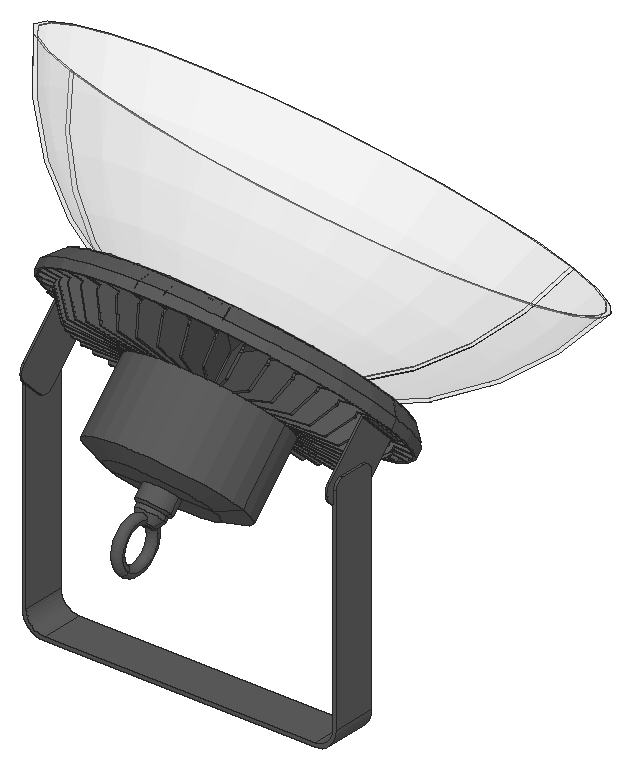
Revit family "0039365+0039353+0039358 Sylvania Lighting Fixture START HighBay IP65 DALI 13000lm 840 WB with BRACKET and PC LAMPSHADE TRANSPARENT 13 19KLM", category Lighting Fixtures, host Face, Revit 2016 (continued)
Definition of nested family "Start LED Highbay DALI Head"
  Nested families
    nested 6: "Start Highbay Rib" at (0, 0, 80.875) x (0.7071, 0.7071, 0) z (0, 0, 1), type "Type Name", detail levels medium+fine
      with SuspensionHeight_FEILO 2.6 mm, WidthStraight_FEILO 4.7 mm, WidthRingChamfer_FEILO 12.9 mm, WidthCurved_FEILO 26.2 mm, WidthCurvedRing_FEILO 4.7 mm, SizeS_FEILO no, Rib4_FEILO 14.6 mm, Rib3_FEILO 20.2 mm, Rib2_FEILO 4.5 mm, Rib1_FEILO 19 mm, RadiusDiffuser_FEILO 120 mm, RHRadius3_FEILO 8.6 mm, RHRadius2_FEILO 14 mm, RHRadius1_FEILO 17.7 mm, RHHeight4_FEILO 9.2 mm, RHHeight3_FEILO 4.6 mm, RHHeight2_FEILO 2.6 mm, RHHeight1_FEILO 17.4 mm, HeightRing_FEILO 36.8 mm, HeightRingChamfer_FEILO 26.6 mm, EyeThickness_FEILO 10.5 mm, EyeThicknessHalf_FEILO 5.25 mm, EyeInner_FEILO 17.3 mm, DriverVerticalStraight_FEILO 57 mm, DriverVerticalChamfer_FEILO 9.5 mm, DriverRadius_FEILO 76.4 mm, DriverRadiusTop_FEILO 52.4 mm, DriverBottom_FEILO 74 mm, Radius_FEILO 169.5 mm
    nested 7: "Start Highbay Rib" at (0, 0, 80.875) x (0.5878, 0.809, 0) z (0, 0, 1), type "Type Name", detail levels medium+fine
      with SuspensionHeight_FEILO 2.6 mm, WidthStraight_FEILO 4.7 mm, WidthRingChamfer_FEILO 12.9 mm, WidthCurved_FEILO 26.2 mm, WidthCurvedRing_FEILO 4.7 mm, SizeS_FEILO no, Rib4_FEILO 14.6 mm, Rib3_FEILO 20.2 mm, Rib2_FEILO 4.5 mm, Rib1_FEILO 19 mm, RadiusDiffuser_FEILO 120 mm, RHRadius3_FEILO 8.6 mm, RHRadius2_FEILO 14 mm, RHRadius1_FEILO 17.7 mm, RHHeight4_FEILO 9.2 mm, RHHeight3_FEILO 4.6 mm, RHHeight2_FEILO 2.6 mm, RHHeight1_FEILO 17.4 mm, HeightRing_FEILO 36.8 mm, HeightRingChamfer_FEILO 26.6 mm, EyeThickness_FEILO 10.5 mm, EyeThicknessHalf_FEILO 5.25 mm, EyeInner_FEILO 17.3 mm, DriverVerticalStraight_FEILO 57 mm, DriverVerticalChamfer_FEILO 9.5 mm, DriverRadius_FEILO 76.4 mm, DriverRadiusTop_FEILO 52.4 mm, DriverBottom_FEILO 74 mm, Radius_FEILO 169.5 mm
    nested 8: "Start Highbay Rib" at (0, 0, 80.875) x (0.454, 0.891, 0) z (0, 0, 1), type "Type Name", detail levels medium+fine
      with SuspensionHeight_FEILO 2.6 mm, WidthStraight_FEILO 4.7 mm, WidthRingChamfer_FEILO 12.9 mm, WidthCurved_FEILO 26.2 mm, WidthCurvedRing_FEILO 4.7 mm, SizeS_FEILO no, Rib4_FEILO 14.6 mm, Rib3_FEILO 20.2 mm, Rib2_FEILO 4.5 mm, Rib1_FEILO 19 mm, RadiusDiffuser_FEILO 120 mm, RHRadius3_FEILO 8.6 mm, RHRadius2_FEILO 14 mm, RHRadius1_FEILO 17.7 mm, RHHeight4_FEILO 9.2 mm, RHHeight3_FEILO 4.6 mm, RHHeight2_FEILO 2.6 mm, RHHeight1_FEILO 17.4 mm, HeightRing_FEILO 36.8 mm, HeightRingChamfer_FEILO 26.6 mm, EyeThickness_FEILO 10.5 mm, EyeThicknessHalf_FEILO 5.25 mm, EyeInner_FEILO 17.3 mm, DriverVerticalStraight_FEILO 57 mm, DriverVerticalChamfer_FEILO 9.5 mm, DriverRadius_FEILO 76.4 mm, DriverRadiusTop_FEILO 52.4 mm, DriverBottom_FEILO 74 mm, Radius_FEILO 169.5 mm
    nested 9: "Start Highbay Rib" at (0, 0, 80.875) x (0.309, 0.9511, 0) z (0, 0, 1), type "Type Name", detail levels medium+fine
      with SuspensionHeight_FEILO 2.6 mm, WidthStraight_FEILO 4.7 mm, WidthRingChamfer_FEILO 12.9 mm, WidthCurved_FEILO 26.2 mm, WidthCurvedRing_FEILO 4.7 mm, SizeS_FEILO no, Rib4_FEILO 14.6 mm, Rib3_FEILO 20.2 mm, Rib2_FEILO 4.5 mm, Rib1_FEILO 19 mm, RadiusDiffuser_FEILO 120 mm, RHRadius3_FEILO 8.6 mm, RHRadius2_FEILO 14 mm, RHRadius1_FEILO 17.7 mm, RHHeight4_FEILO 9.2 mm, RHHeight3_FEILO 4.6 mm, RHHeight2_FEILO 2.6 mm, RHHeight1_FEILO 17.4 mm, HeightRing_FEILO 36.8 mm, HeightRingChamfer_FEILO 26.6 mm, EyeThickness_FEILO 10.5 mm, EyeThicknessHalf_FEILO 5.25 mm, EyeInner_FEILO 17.3 mm, DriverVerticalStraight_FEILO 57 mm, DriverVerticalChamfer_FEILO 9.5 mm, DriverRadius_FEILO 76.4 mm, DriverRadiusTop_FEILO 52.4 mm, DriverBottom_FEILO 74 mm, Radius_FEILO 169.5 mm
    nested 10: "Start Highbay Rib" at (0, 0, 80.875) x (0.1564, 0.9877, 0) z (0, 0, 1), type "Type Name", detail levels medium+fine
      with SuspensionHeight_FEILO 2.6 mm, WidthStraight_FEILO 4.7 mm, WidthRingChamfer_FEILO 12.9 mm, WidthCurved_FEILO 26.2 mm, WidthCurvedRing_FEILO 4.7 mm, SizeS_FEILO no, Rib4_FEILO 14.6 mm, Rib3_FEILO 20.2 mm, Rib2_FEILO 4.5 mm, Rib1_FEILO 19 mm, RadiusDiffuser_FEILO 120 mm, RHRadius3_FEILO 8.6 mm, RHRadius2_FEILO 14 mm, RHRadius1_FEILO 17.7 mm, RHHeight4_FEILO 9.2 mm, RHHeight3_FEILO 4.6 mm, RHHeight2_FEILO 2.6 mm, RHHeight1_FEILO 17.4 mm, HeightRing_FEILO 36.8 mm, HeightRingChamfer_FEILO 26.6 mm, EyeThickness_FEILO 10.5 mm, EyeThicknessHalf_FEILO 5.25 mm, EyeInner_FEILO 17.3 mm, DriverVerticalStraight_FEILO 57 mm, DriverVerticalChamfer_FEILO 9.5 mm, DriverRadius_FEILO 76.4 mm, DriverRadiusTop_FEILO 52.4 mm, DriverBottom_FEILO 74 mm, Radius_FEILO 169.5 mm
    nested 11: "Start Highbay Rib" at (0, 0, 80.875) x (0, 1, 0) z (0, 0, 1), type "Type Name", detail levels medium+fine
      with SuspensionHeight_FEILO 2.6 mm, WidthStraight_FEILO 4.7 mm, WidthRingChamfer_FEILO 12.9 mm, WidthCurved_FEILO 26.2 mm, WidthCurvedRing_FEILO 4.7 mm, SizeS_FEILO no, Rib4_FEILO 14.6 mm, Rib3_FEILO 20.2 mm, Rib2_FEILO 4.5 mm, Rib1_FEILO 19 mm, RadiusDiffuser_FEILO 120 mm, RHRadius3_FEILO 8.6 mm, RHRadius2_FEILO 14 mm, RHRadius1_FEILO 17.7 mm, RHHeight4_FEILO 9.2 mm, RHHeight3_FEILO 4.6 mm, RHHeight2_FEILO 2.6 mm, RHHeight1_FEILO 17.4 mm, HeightRing_FEILO 36.8 mm, HeightRingChamfer_FEILO 26.6 mm, EyeThickness_FEILO 10.5 mm, EyeThicknessHalf_FEILO 5.25 mm, EyeInner_FEILO 17.3 mm, DriverVerticalStraight_FEILO 57 mm, DriverVerticalChamfer_FEILO 9.5 mm, DriverRadius_FEILO 76.4 mm, DriverRadiusTop_FEILO 52.4 mm, DriverBottom_FEILO 74 mm, Radius_FEILO 169.5 mm
    nested 12: "Start Highbay Rib" at (0, 0, 80.875) x (-0.1564, 0.9877, 0) z (0, 0, 1), type "Type Name", detail levels medium+fine
      with SuspensionHeight_FEILO 2.6 mm, WidthStraight_FEILO 4.7 mm, WidthRingChamfer_FEILO 12.9 mm, WidthCurved_FEILO 26.2 mm, WidthCurvedRing_FEILO 4.7 mm, SizeS_FEILO no, Rib4_FEILO 14.6 mm, Rib3_FEILO 20.2 mm, Rib2_FEILO 4.5 mm, Rib1_FEILO 19 mm, RadiusDiffuser_FEILO 120 mm, RHRadius3_FEILO 8.6 mm, RHRadius2_FEILO 14 mm, RHRadius1_FEILO 17.7 mm, RHHeight4_FEILO 9.2 mm, RHHeight3_FEILO 4.6 mm, RHHeight2_FEILO 2.6 mm, RHHeight1_FEILO 17.4 mm, HeightRing_FEILO 36.8 mm, HeightRingChamfer_FEILO 26.6 mm, EyeThickness_FEILO 10.5 mm, EyeThicknessHalf_FEILO 5.25 mm, EyeInner_FEILO 17.3 mm, DriverVerticalStraight_FEILO 57 mm, DriverVerticalChamfer_FEILO 9.5 mm, DriverRadius_FEILO 76.4 mm, DriverRadiusTop_FEILO 52.4 mm, DriverBottom_FEILO 74 mm, Radius_FEILO 169.5 mm
    nested 13: "Start Highbay Rib" at (0, 0, 80.875) x (-0.309, 0.9511, 0) z (0, 0, 1), type "Type Name", detail levels medium+fine
      with SuspensionHeight_FEILO 2.6 mm, WidthStraight_FEILO 4.7 mm, WidthRingChamfer_FEILO 12.9 mm, WidthCurved_FEILO 26.2 mm, WidthCurvedRing_FEILO 4.7 mm, SizeS_FEILO no, Rib4_FEILO 14.6 mm, Rib3_FEILO 20.2 mm, Rib2_FEILO 4.5 mm, Rib1_FEILO 19 mm, RadiusDiffuser_FEILO 120 mm, RHRadius3_FEILO 8.6 mm, RHRadius2_FEILO 14 mm, RHRadius1_FEILO 17.7 mm, RHHeight4_FEILO 9.2 mm, RHHeight3_FEILO 4.6 mm, RHHeight2_FEILO 2.6 mm, RHHeight1_FEILO 17.4 mm, HeightRing_FEILO 36.8 mm, HeightRingChamfer_FEILO 26.6 mm, EyeThickness_FEILO 10.5 mm, EyeThicknessHalf_FEILO 5.25 mm, EyeInner_FEILO 17.3 mm, DriverVerticalStraight_FEILO 57 mm, DriverVerticalChamfer_FEILO 9.5 mm, DriverRadius_FEILO 76.4 mm, DriverRadiusTop_FEILO 52.4 mm, DriverBottom_FEILO 74 mm, Radius_FEILO 169.5 mm
    nested 14: "Start Highbay Rib" at (0, 0, 80.875) x (-0.454, 0.891, 0) z (0, 0, 1), type "Type Name", detail levels medium+fine
      with SuspensionHeight_FEILO 2.6 mm, WidthStraight_FEILO 4.7 mm, WidthRingChamfer_FEILO 12.9 mm, WidthCurved_FEILO 26.2 mm, WidthCurvedRing_FEILO 4.7 mm, SizeS_FEILO no, Rib4_FEILO 14.6 mm, Rib3_FEILO 20.2 mm, Rib2_FEILO 4.5 mm, Rib1_FEILO 19 mm, RadiusDiffuser_FEILO 120 mm, RHRadius3_FEILO 8.6 mm, RHRadius2_FEILO 14 mm, RHRadius1_FEILO 17.7 mm, RHHeight4_FEILO 9.2 mm, RHHeight3_FEILO 4.6 mm, RHHeight2_FEILO 2.6 mm, RHHeight1_FEILO 17.4 mm, HeightRing_FEILO 36.8 mm, HeightRingChamfer_FEILO 26.6 mm, EyeThickness_FEILO 10.5 mm, EyeThicknessHalf_FEILO 5.25 mm, EyeInner_FEILO 17.3 mm, DriverVerticalStraight_FEILO 57 mm, DriverVerticalChamfer_FEILO 9.5 mm, DriverRadius_FEILO 76.4 mm, DriverRadiusTop_FEILO 52.4 mm, DriverBottom_FEILO 74 mm, Radius_FEILO 169.5 mm
    nested 15: "Start Highbay Rib" at (0, 0, 80.875) x (-0.5878, 0.809, 0) z (0, 0, 1), type "Type Name", detail levels medium+fine
      with SuspensionHeight_FEILO 2.6 mm, WidthStraight_FEILO 4.7 mm, WidthRingChamfer_FEILO 12.9 mm, WidthCurved_FEILO 26.2 mm, WidthCurvedRing_FEILO 4.7 mm, SizeS_FEILO no, Rib4_FEILO 14.6 mm, Rib3_FEILO 20.2 mm, Rib2_FEILO 4.5 mm, Rib1_FEILO 19 mm, RadiusDiffuser_FEILO 120 mm, RHRadius3_FEILO 8.6 mm, RHRadius2_FEILO 14 mm, RHRadius1_FEILO 17.7 mm, RHHeight4_FEILO 9.2 mm, RHHeight3_FEILO 4.6 mm, RHHeight2_FEILO 2.6 mm, RHHeight1_FEILO 17.4 mm, HeightRing_FEILO 36.8 mm, HeightRingChamfer_FEILO 26.6 mm, EyeThickness_FEILO 10.5 mm, EyeThicknessHalf_FEILO 5.25 mm, EyeInner_FEILO 17.3 mm, DriverVerticalStraight_FEILO 57 mm, DriverVerticalChamfer_FEILO 9.5 mm, DriverRadius_FEILO 76.4 mm, DriverRadiusTop_FEILO 52.4 mm, DriverBottom_FEILO 74 mm, Radius_FEILO 169.5 mm
    nested 16: "Start Highbay Rib" at (0, 0, 80.875) x (-0.7071, 0.7071, 0) z (0, 0, 1), type "Type Name", detail levels medium+fine
      with SuspensionHeight_FEILO 2.6 mm, WidthStraight_FEILO 4.7 mm, WidthRingChamfer_FEILO 12.9 mm, WidthCurved_FEILO 26.2 mm, WidthCurvedRing_FEILO 4.7 mm, SizeS_FEILO no, Rib4_FEILO 14.6 mm, Rib3_FEILO 20.2 mm, Rib2_FEILO 4.5 mm, Rib1_FEILO 19 mm, RadiusDiffuser_FEILO 120 mm, RHRadius3_FEILO 8.6 mm, RHRadius2_FEILO 14 mm, RHRadius1_FEILO 17.7 mm, RHHeight4_FEILO 9.2 mm, RHHeight3_FEILO 4.6 mm, RHHeight2_FEILO 2.6 mm, RHHeight1_FEILO 17.4 mm, HeightRing_FEILO 36.8 mm, HeightRingChamfer_FEILO 26.6 mm, EyeThickness_FEILO 10.5 mm, EyeThicknessHalf_FEILO 5.25 mm, EyeInner_FEILO 17.3 mm, DriverVerticalStraight_FEILO 57 mm, DriverVerticalChamfer_FEILO 9.5 mm, DriverRadius_FEILO 76.4 mm, DriverRadiusTop_FEILO 52.4 mm, DriverBottom_FEILO 74 mm, Radius_FEILO 169.5 mm
    nested 17: "Start Highbay Rib" at (0, 0, 80.875) x (-0.809, 0.5878, 0) z (0, 0, 1), type "Type Name", detail levels medium+fine
      with SuspensionHeight_FEILO 2.6 mm, WidthStraight_FEILO 4.7 mm, WidthRingChamfer_FEILO 12.9 mm, WidthCurved_FEILO 26.2 mm, WidthCurvedRing_FEILO 4.7 mm, SizeS_FEILO no, Rib4_FEILO 14.6 mm, Rib3_FEILO 20.2 mm, Rib2_FEILO 4.5 mm, Rib1_FEILO 19 mm, RadiusDiffuser_FEILO 120 mm, RHRadius3_FEILO 8.6 mm, RHRadius2_FEILO 14 mm, RHRadius1_FEILO 17.7 mm, RHHeight4_FEILO 9.2 mm, RHHeight3_FEILO 4.6 mm, RHHeight2_FEILO 2.6 mm, RHHeight1_FEILO 17.4 mm, HeightRing_FEILO 36.8 mm, HeightRingChamfer_FEILO 26.6 mm, EyeThickness_FEILO 10.5 mm, EyeThicknessHalf_FEILO 5.25 mm, EyeInner_FEILO 17.3 mm, DriverVerticalStraight_FEILO 57 mm, DriverVerticalChamfer_FEILO 9.5 mm, DriverRadius_FEILO 76.4 mm, DriverRadiusTop_FEILO 52.4 mm, DriverBottom_FEILO 74 mm, Radius_FEILO 169.5 mm
    nested 18: "Start Highbay Rib" at (0, 0, 80.875) x (-0.891, 0.454, 0) z (0, 0, 1), type "Type Name", detail levels medium+fine
      with SuspensionHeight_FEILO 2.6 mm, WidthStraight_FEILO 4.7 mm, WidthRingChamfer_FEILO 12.9 mm, WidthCurved_FEILO 26.2 mm, WidthCurvedRing_FEILO 4.7 mm, SizeS_FEILO no, Rib4_FEILO 14.6 mm, Rib3_FEILO 20.2 mm, Rib2_FEILO 4.5 mm, Rib1_FEILO 19 mm, RadiusDiffuser_FEILO 120 mm, RHRadius3_FEILO 8.6 mm, RHRadius2_FEILO 14 mm, RHRadius1_FEILO 17.7 mm, RHHeight4_FEILO 9.2 mm, RHHeight3_FEILO 4.6 mm, RHHeight2_FEILO 2.6 mm, RHHeight1_FEILO 17.4 mm, HeightRing_FEILO 36.8 mm, HeightRingChamfer_FEILO 26.6 mm, EyeThickness_FEILO 10.5 mm, EyeThicknessHalf_FEILO 5.25 mm, EyeInner_FEILO 17.3 mm, DriverVerticalStraight_FEILO 57 mm, DriverVerticalChamfer_FEILO 9.5 mm, DriverRadius_FEILO 76.4 mm, DriverRadiusTop_FEILO 52.4 mm, DriverBottom_FEILO 74 mm, Radius_FEILO 169.5 mm
    nested 19: "Start Highbay Rib" at (0, 0, 80.875) x (-0.9511, 0.309, 0) z (0, 0, 1), type "Type Name", detail levels medium+fine
      with SuspensionHeight_FEILO 2.6 mm, WidthStraight_FEILO 4.7 mm, WidthRingChamfer_FEILO 12.9 mm, WidthCurved_FEILO 26.2 mm, WidthCurvedRing_FEILO 4.7 mm, SizeS_FEILO no, Rib4_FEILO 14.6 mm, Rib3_FEILO 20.2 mm, Rib2_FEILO 4.5 mm, Rib1_FEILO 19 mm, RadiusDiffuser_FEILO 120 mm, RHRadius3_FEILO 8.6 mm, RHRadius2_FEILO 14 mm, RHRadius1_FEILO 17.7 mm, RHHeight4_FEILO 9.2 mm, RHHeight3_FEILO 4.6 mm, RHHeight2_FEILO 2.6 mm, RHHeight1_FEILO 17.4 mm, HeightRing_FEILO 36.8 mm, HeightRingChamfer_FEILO 26.6 mm, EyeThickness_FEILO 10.5 mm, EyeThicknessHalf_FEILO 5.25 mm, EyeInner_FEILO 17.3 mm, DriverVerticalStraight_FEILO 57 mm, DriverVerticalChamfer_FEILO 9.5 mm, DriverRadius_FEILO 76.4 mm, DriverRadiusTop_FEILO 52.4 mm, DriverBottom_FEILO 74 mm, Radius_FEILO 169.5 mm
    nested 20: "Start Highbay Rib" at (0, 0, 80.875) x (-0.9877, 0.1564, 0) z (0, 0, 1), type "Type Name", detail levels medium+fine
      with SuspensionHeight_FEILO 2.6 mm, WidthStraight_FEILO 4.7 mm, WidthRingChamfer_FEILO 12.9 mm, WidthCurved_FEILO 26.2 mm, WidthCurvedRing_FEILO 4.7 mm, SizeS_FEILO no, Rib4_FEILO 14.6 mm, Rib3_FEILO 20.2 mm, Rib2_FEILO 4.5 mm, Rib1_FEILO 19 mm, RadiusDiffuser_FEILO 120 mm, RHRadius3_FEILO 8.6 mm, RHRadius2_FEILO 14 mm, RHRadius1_FEILO 17.7 mm, RHHeight4_FEILO 9.2 mm, RHHeight3_FEILO 4.6 mm, RHHeight2_FEILO 2.6 mm, RHHeight1_FEILO 17.4 mm, HeightRing_FEILO 36.8 mm, HeightRingChamfer_FEILO 26.6 mm, EyeThickness_FEILO 10.5 mm, EyeThicknessHalf_FEILO 5.25 mm, EyeInner_FEILO 17.3 mm, DriverVerticalStraight_FEILO 57 mm, DriverVerticalChamfer_FEILO 9.5 mm, DriverRadius_FEILO 76.4 mm, DriverRadiusTop_FEILO 52.4 mm, DriverBottom_FEILO 74 mm, Radius_FEILO 169.5 mm
    nested 21: "Start Highbay Rib" at (0, 0, 80.875) x (-1, 0, 0) z (0, 0, 1), type "Type Name", detail levels medium+fine
      with SuspensionHeight_FEILO 2.6 mm, WidthStraight_FEILO 4.7 mm, WidthRingChamfer_FEILO 12.9 mm, WidthCurved_FEILO 26.2 mm, WidthCurvedRing_FEILO 4.7 mm, SizeS_FEILO no, Rib4_FEILO 14.6 mm, Rib3_FEILO 20.2 mm, Rib2_FEILO 4.5 mm, Rib1_FEILO 19 mm, RadiusDiffuser_FEILO 120 mm, RHRadius3_FEILO 8.6 mm, RHRadius2_FEILO 14 mm, RHRadius1_FEILO 17.7 mm, RHHeight4_FEILO 9.2 mm, RHHeight3_FEILO 4.6 mm, RHHeight2_FEILO 2.6 mm, RHHeight1_FEILO 17.4 mm, HeightRing_FEILO 36.8 mm, HeightRingChamfer_FEILO 26.6 mm, EyeThickness_FEILO 10.5 mm, EyeThicknessHalf_FEILO 5.25 mm, EyeInner_FEILO 17.3 mm, DriverVerticalStraight_FEILO 57 mm, DriverVerticalChamfer_FEILO 9.5 mm, DriverRadius_FEILO 76.4 mm, DriverRadiusTop_FEILO 52.4 mm, DriverBottom_FEILO 74 mm, Radius_FEILO 169.5 mm
    nested 22: "Start Highbay Rib" at (0, 0, 80.875) x (-0.9877, -0.1564, 0) z (0, 0, 1), type "Type Name", detail levels medium+fine
      with SuspensionHeight_FEILO 2.6 mm, WidthStraight_FEILO 4.7 mm, WidthRingChamfer_FEILO 12.9 mm, WidthCurved_FEILO 26.2 mm, WidthCurvedRing_FEILO 4.7 mm, SizeS_FEILO no, Rib4_FEILO 14.6 mm, Rib3_FEILO 20.2 mm, Rib2_FEILO 4.5 mm, Rib1_FEILO 19 mm, RadiusDiffuser_FEILO 120 mm, RHRadius3_FEILO 8.6 mm, RHRadius2_FEILO 14 mm, RHRadius1_FEILO 17.7 mm, RHHeight4_FEILO 9.2 mm, RHHeight3_FEILO 4.6 mm, RHHeight2_FEILO 2.6 mm, RHHeight1_FEILO 17.4 mm, HeightRing_FEILO 36.8 mm, HeightRingChamfer_FEILO 26.6 mm, EyeThickness_FEILO 10.5 mm, EyeThicknessHalf_FEILO 5.25 mm, EyeInner_FEILO 17.3 mm, DriverVerticalStraight_FEILO 57 mm, DriverVerticalChamfer_FEILO 9.5 mm, DriverRadius_FEILO 76.4 mm, DriverRadiusTop_FEILO 52.4 mm, DriverBottom_FEILO 74 mm, Radius_FEILO 169.5 mm
    nested 23: "Start Highbay Rib" at (0, 0, 80.875) x (-0.9511, -0.309, 0) z (0, 0, 1), type "Type Name", detail levels medium+fine
      with SuspensionHeight_FEILO 2.6 mm, WidthStraight_FEILO 4.7 mm, WidthRingChamfer_FEILO 12.9 mm, WidthCurved_FEILO 26.2 mm, WidthCurvedRing_FEILO 4.7 mm, SizeS_FEILO no, Rib4_FEILO 14.6 mm, Rib3_FEILO 20.2 mm, Rib2_FEILO 4.5 mm, Rib1_FEILO 19 mm, RadiusDiffuser_FEILO 120 mm, RHRadius3_FEILO 8.6 mm, RHRadius2_FEILO 14 mm, RHRadius1_FEILO 17.7 mm, RHHeight4_FEILO 9.2 mm, RHHeight3_FEILO 4.6 mm, RHHeight2_FEILO 2.6 mm, RHHeight1_FEILO 17.4 mm, HeightRing_FEILO 36.8 mm, HeightRingChamfer_FEILO 26.6 mm, EyeThickness_FEILO 10.5 mm, EyeThicknessHalf_FEILO 5.25 mm, EyeInner_FEILO 17.3 mm, DriverVerticalStraight_FEILO 57 mm, DriverVerticalChamfer_FEILO 9.5 mm, DriverRadius_FEILO 76.4 mm, DriverRadiusTop_FEILO 52.4 mm, DriverBottom_FEILO 74 mm, Radius_FEILO 169.5 mm
    nested 24: "Start Highbay Rib" at (0, 0, 80.875) x (-0.891, -0.454, 0) z (0, 0, 1), type "Type Name", detail levels medium+fine
      with SuspensionHeight_FEILO 2.6 mm, WidthStraight_FEILO 4.7 mm, WidthRingChamfer_FEILO 12.9 mm, WidthCurved_FEILO 26.2 mm, WidthCurvedRing_FEILO 4.7 mm, SizeS_FEILO no, Rib4_FEILO 14.6 mm, Rib3_FEILO 20.2 mm, Rib2_FEILO 4.5 mm, Rib1_FEILO 19 mm, RadiusDiffuser_FEILO 120 mm, RHRadius3_FEILO 8.6 mm, RHRadius2_FEILO 14 mm, RHRadius1_FEILO 17.7 mm, RHHeight4_FEILO 9.2 mm, RHHeight3_FEILO 4.6 mm, RHHeight2_FEILO 2.6 mm, RHHeight1_FEILO 17.4 mm, HeightRing_FEILO 36.8 mm, HeightRingChamfer_FEILO 26.6 mm, EyeThickness_FEILO 10.5 mm, EyeThicknessHalf_FEILO 5.25 mm, EyeInner_FEILO 17.3 mm, DriverVerticalStraight_FEILO 57 mm, DriverVerticalChamfer_FEILO 9.5 mm, DriverRadius_FEILO 76.4 mm, DriverRadiusTop_FEILO 52.4 mm, DriverBottom_FEILO 74 mm, Radius_FEILO 169.5 mm
    nested 25: "Start Highbay Rib" at (0, 0, 80.875) x (-0.809, -0.5878, 0) z (0, 0, 1), type "Type Name", detail levels medium+fine
      with SuspensionHeight_FEILO 2.6 mm, WidthStraight_FEILO 4.7 mm, WidthRingChamfer_FEILO 12.9 mm, WidthCurved_FEILO 26.2 mm, WidthCurvedRing_FEILO 4.7 mm, SizeS_FEILO no, Rib4_FEILO 14.6 mm, Rib3_FEILO 20.2 mm, Rib2_FEILO 4.5 mm, Rib1_FEILO 19 mm, RadiusDiffuser_FEILO 120 mm, RHRadius3_FEILO 8.6 mm, RHRadius2_FEILO 14 mm, RHRadius1_FEILO 17.7 mm, RHHeight4_FEILO 9.2 mm, RHHeight3_FEILO 4.6 mm, RHHeight2_FEILO 2.6 mm, RHHeight1_FEILO 17.4 mm, HeightRing_FEILO 36.8 mm, HeightRingChamfer_FEILO 26.6 mm, EyeThickness_FEILO 10.5 mm, EyeThicknessHalf_FEILO 5.25 mm, EyeInner_FEILO 17.3 mm, DriverVerticalStraight_FEILO 57 mm, DriverVerticalChamfer_FEILO 9.5 mm, DriverRadius_FEILO 76.4 mm, DriverRadiusTop_FEILO 52.4 mm, DriverBottom_FEILO 74 mm, Radius_FEILO 169.5 mm
    nested 26: "Start Highbay Rib" at (0, 0, 80.875) x (-0.7071, -0.7071, 0) z (0, 0, 1), type "Type Name", detail levels medium+fine
      with SuspensionHeight_FEILO 2.6 mm, WidthStraight_FEILO 4.7 mm, WidthRingChamfer_FEILO 12.9 mm, WidthCurved_FEILO 26.2 mm, WidthCurvedRing_FEILO 4.7 mm, SizeS_FEILO no, Rib4_FEILO 14.6 mm, Rib3_FEILO 20.2 mm, Rib2_FEILO 4.5 mm, Rib1_FEILO 19 mm, RadiusDiffuser_FEILO 120 mm, RHRadius3_FEILO 8.6 mm, RHRadius2_FEILO 14 mm, RHRadius1_FEILO 17.7 mm, RHHeight4_FEILO 9.2 mm, RHHeight3_FEILO 4.6 mm, RHHeight2_FEILO 2.6 mm, RHHeight1_FEILO 17.4 mm, HeightRing_FEILO 36.8 mm, HeightRingChamfer_FEILO 26.6 mm, EyeThickness_FEILO 10.5 mm, EyeThicknessHalf_FEILO 5.25 mm, EyeInner_FEILO 17.3 mm, DriverVerticalStraight_FEILO 57 mm, DriverVerticalChamfer_FEILO 9.5 mm, DriverRadius_FEILO 76.4 mm, DriverRadiusTop_FEILO 52.4 mm, DriverBottom_FEILO 74 mm, Radius_FEILO 169.5 mm
    nested 27: "Start Highbay Rib" at (0, 0, 80.875) x (-0.5878, -0.809, 0) z (0, 0, 1), type "Type Name", detail levels medium+fine
      with SuspensionHeight_FEILO 2.6 mm, WidthStraight_FEILO 4.7 mm, WidthRingChamfer_FEILO 12.9 mm, WidthCurved_FEILO 26.2 mm, WidthCurvedRing_FEILO 4.7 mm, SizeS_FEILO no, Rib4_FEILO 14.6 mm, Rib3_FEILO 20.2 mm, Rib2_FEILO 4.5 mm, Rib1_FEILO 19 mm, RadiusDiffuser_FEILO 120 mm, RHRadius3_FEILO 8.6 mm, RHRadius2_FEILO 14 mm, RHRadius1_FEILO 17.7 mm, RHHeight4_FEILO 9.2 mm, RHHeight3_FEILO 4.6 mm, RHHeight2_FEILO 2.6 mm, RHHeight1_FEILO 17.4 mm, HeightRing_FEILO 36.8 mm, HeightRingChamfer_FEILO 26.6 mm, EyeThickness_FEILO 10.5 mm, EyeThicknessHalf_FEILO 5.25 mm, EyeInner_FEILO 17.3 mm, DriverVerticalStraight_FEILO 57 mm, DriverVerticalChamfer_FEILO 9.5 mm, DriverRadius_FEILO 76.4 mm, DriverRadiusTop_FEILO 52.4 mm, DriverBottom_FEILO 74 mm, Radius_FEILO 169.5 mm
    nested 28: "Start Highbay Rib" at (0, 0, 80.875) x (-0.454, -0.891, 0) z (0, 0, 1), type "Type Name", detail levels medium+fine
      with SuspensionHeight_FEILO 2.6 mm, WidthStraight_FEILO 4.7 mm, WidthRingChamfer_FEILO 12.9 mm, WidthCurved_FEILO 26.2 mm, WidthCurvedRing_FEILO 4.7 mm, SizeS_FEILO no, Rib4_FEILO 14.6 mm, Rib3_FEILO 20.2 mm, Rib2_FEILO 4.5 mm, Rib1_FEILO 19 mm, RadiusDiffuser_FEILO 120 mm, RHRadius3_FEILO 8.6 mm, RHRadius2_FEILO 14 mm, RHRadius1_FEILO 17.7 mm, RHHeight4_FEILO 9.2 mm, RHHeight3_FEILO 4.6 mm, RHHeight2_FEILO 2.6 mm, RHHeight1_FEILO 17.4 mm, HeightRing_FEILO 36.8 mm, HeightRingChamfer_FEILO 26.6 mm, EyeThickness_FEILO 10.5 mm, EyeThicknessHalf_FEILO 5.25 mm, EyeInner_FEILO 17.3 mm, DriverVerticalStraight_FEILO 57 mm, DriverVerticalChamfer_FEILO 9.5 mm, DriverRadius_FEILO 76.4 mm, DriverRadiusTop_FEILO 52.4 mm, DriverBottom_FEILO 74 mm, Radius_FEILO 169.5 mm
    nested 29: "Start Highbay Rib" at (0, 0, 80.875) x (-0.309, -0.9511, 0) z (0, 0, 1), type "Type Name", detail levels medium+fine
      with SuspensionHeight_FEILO 2.6 mm, WidthStraight_FEILO 4.7 mm, WidthRingChamfer_FEILO 12.9 mm, WidthCurved_FEILO 26.2 mm, WidthCurvedRing_FEILO 4.7 mm, SizeS_FEILO no, Rib4_FEILO 14.6 mm, Rib3_FEILO 20.2 mm, Rib2_FEILO 4.5 mm, Rib1_FEILO 19 mm, RadiusDiffuser_FEILO 120 mm, RHRadius3_FEILO 8.6 mm, RHRadius2_FEILO 14 mm, RHRadius1_FEILO 17.7 mm, RHHeight4_FEILO 9.2 mm, RHHeight3_FEILO 4.6 mm, RHHeight2_FEILO 2.6 mm, RHHeight1_FEILO 17.4 mm, HeightRing_FEILO 36.8 mm, HeightRingChamfer_FEILO 26.6 mm, EyeThickness_FEILO 10.5 mm, EyeThicknessHalf_FEILO 5.25 mm, EyeInner_FEILO 17.3 mm, DriverVerticalStraight_FEILO 57 mm, DriverVerticalChamfer_FEILO 9.5 mm, DriverRadius_FEILO 76.4 mm, DriverRadiusTop_FEILO 52.4 mm, DriverBottom_FEILO 74 mm, Radius_FEILO 169.5 mm
    nested 30: "Start Highbay Rib" at (0, 0, 80.875) x (-0.1564, -0.9877, 0) z (0, 0, 1), type "Type Name", detail levels medium+fine
      with SuspensionHeight_FEILO 2.6 mm, WidthStraight_FEILO 4.7 mm, WidthRingChamfer_FEILO 12.9 mm, WidthCurved_FEILO 26.2 mm, WidthCurvedRing_FEILO 4.7 mm, SizeS_FEILO no, Rib4_FEILO 14.6 mm, Rib3_FEILO 20.2 mm, Rib2_FEILO 4.5 mm, Rib1_FEILO 19 mm, RadiusDiffuser_FEILO 120 mm, RHRadius3_FEILO 8.6 mm, RHRadius2_FEILO 14 mm, RHRadius1_FEILO 17.7 mm, RHHeight4_FEILO 9.2 mm, RHHeight3_FEILO 4.6 mm, RHHeight2_FEILO 2.6 mm, RHHeight1_FEILO 17.4 mm, HeightRing_FEILO 36.8 mm, HeightRingChamfer_FEILO 26.6 mm, EyeThickness_FEILO 10.5 mm, EyeThicknessHalf_FEILO 5.25 mm, EyeInner_FEILO 17.3 mm, DriverVerticalStraight_FEILO 57 mm, DriverVerticalChamfer_FEILO 9.5 mm, DriverRadius_FEILO 76.4 mm, DriverRadiusTop_FEILO 52.4 mm, DriverBottom_FEILO 74 mm, Radius_FEILO 169.5 mm
    nested 31: "Start Highbay Rib" at (0, 0, 80.875) x (0, -1, 0) z (0, 0, 1), type "Type Name", detail levels medium+fine
      with SuspensionHeight_FEILO 2.6 mm, WidthStraight_FEILO 4.7 mm, WidthRingChamfer_FEILO 12.9 mm, WidthCurved_FEILO 26.2 mm, WidthCurvedRing_FEILO 4.7 mm, SizeS_FEILO no, Rib4_FEILO 14.6 mm, Rib3_FEILO 20.2 mm, Rib2_FEILO 4.5 mm, Rib1_FEILO 19 mm, RadiusDiffuser_FEILO 120 mm, RHRadius3_FEILO 8.6 mm, RHRadius2_FEILO 14 mm, RHRadius1_FEILO 17.7 mm, RHHeight4_FEILO 9.2 mm, RHHeight3_FEILO 4.6 mm, RHHeight2_FEILO 2.6 mm, RHHeight1_FEILO 17.4 mm, HeightRing_FEILO 36.8 mm, HeightRingChamfer_FEILO 26.6 mm, EyeThickness_FEILO 10.5 mm, EyeThicknessHalf_FEILO 5.25 mm, EyeInner_FEILO 17.3 mm, DriverVerticalStraight_FEILO 57 mm, DriverVerticalChamfer_FEILO 9.5 mm, DriverRadius_FEILO 76.4 mm, DriverRadiusTop_FEILO 52.4 mm, DriverBottom_FEILO 74 mm, Radius_FEILO 169.5 mm
    nested 32: "Start Highbay Rib" at (0, 0, 80.875) x (0.1564, -0.9877, 0) z (0, 0, 1), type "Type Name", detail levels medium+fine
      with SuspensionHeight_FEILO 2.6 mm, WidthStraight_FEILO 4.7 mm, WidthRingChamfer_FEILO 12.9 mm, WidthCurved_FEILO 26.2 mm, WidthCurvedRing_FEILO 4.7 mm, SizeS_FEILO no, Rib4_FEILO 14.6 mm, Rib3_FEILO 20.2 mm, Rib2_FEILO 4.5 mm, Rib1_FEILO 19 mm, RadiusDiffuser_FEILO 120 mm, RHRadius3_FEILO 8.6 mm, RHRadius2_FEILO 14 mm, RHRadius1_FEILO 17.7 mm, RHHeight4_FEILO 9.2 mm, RHHeight3_FEILO 4.6 mm, RHHeight2_FEILO 2.6 mm, RHHeight1_FEILO 17.4 mm, HeightRing_FEILO 36.8 mm, HeightRingChamfer_FEILO 26.6 mm, EyeThickness_FEILO 10.5 mm, EyeThicknessHalf_FEILO 5.25 mm, EyeInner_FEILO 17.3 mm, DriverVerticalStraight_FEILO 57 mm, DriverVerticalChamfer_FEILO 9.5 mm, DriverRadius_FEILO 76.4 mm, DriverRadiusTop_FEILO 52.4 mm, DriverBottom_FEILO 74 mm, Radius_FEILO 169.5 mm
    nested 33: "Start Highbay Rib" at (0, 0, 80.875) x (0.309, -0.9511, 0) z (0, 0, 1), type "Type Name", detail levels medium+fine
      with SuspensionHeight_FEILO 2.6 mm, WidthStraight_FEILO 4.7 mm, WidthRingChamfer_FEILO 12.9 mm, WidthCurved_FEILO 26.2 mm, WidthCurvedRing_FEILO 4.7 mm, SizeS_FEILO no, Rib4_FEILO 14.6 mm, Rib3_FEILO 20.2 mm, Rib2_FEILO 4.5 mm, Rib1_FEILO 19 mm, RadiusDiffuser_FEILO 120 mm, RHRadius3_FEILO 8.6 mm, RHRadius2_FEILO 14 mm, RHRadius1_FEILO 17.7 mm, RHHeight4_FEILO 9.2 mm, RHHeight3_FEILO 4.6 mm, RHHeight2_FEILO 2.6 mm, RHHeight1_FEILO 17.4 mm, HeightRing_FEILO 36.8 mm, HeightRingChamfer_FEILO 26.6 mm, EyeThickness_FEILO 10.5 mm, EyeThicknessHalf_FEILO 5.25 mm, EyeInner_FEILO 17.3 mm, DriverVerticalStraight_FEILO 57 mm, DriverVerticalChamfer_FEILO 9.5 mm, DriverRadius_FEILO 76.4 mm, DriverRadiusTop_FEILO 52.4 mm, DriverBottom_FEILO 74 mm, Radius_FEILO 169.5 mm
    nested 34: "Start Highbay Rib" at (0, 0, 80.875) x (0.454, -0.891, 0) z (0, 0, 1), type "Type Name", detail levels medium+fine
      with SuspensionHeight_FEILO 2.6 mm, WidthStraight_FEILO 4.7 mm, WidthRingChamfer_FEILO 12.9 mm, WidthCurved_FEILO 26.2 mm, WidthCurvedRing_FEILO 4.7 mm, SizeS_FEILO no, Rib4_FEILO 14.6 mm, Rib3_FEILO 20.2 mm, Rib2_FEILO 4.5 mm, Rib1_FEILO 19 mm, RadiusDiffuser_FEILO 120 mm, RHRadius3_FEILO 8.6 mm, RHRadius2_FEILO 14 mm, RHRadius1_FEILO 17.7 mm, RHHeight4_FEILO 9.2 mm, RHHeight3_FEILO 4.6 mm, RHHeight2_FEILO 2.6 mm, RHHeight1_FEILO 17.4 mm, HeightRing_FEILO 36.8 mm, HeightRingChamfer_FEILO 26.6 mm, EyeThickness_FEILO 10.5 mm, EyeThicknessHalf_FEILO 5.25 mm, EyeInner_FEILO 17.3 mm, DriverVerticalStraight_FEILO 57 mm, DriverVerticalChamfer_FEILO 9.5 mm, DriverRadius_FEILO 76.4 mm, DriverRadiusTop_FEILO 52.4 mm, DriverBottom_FEILO 74 mm, Radius_FEILO 169.5 mm
    nested 35: "Start Highbay Rib" at (0, 0, 80.875) x (0.5878, -0.809, 0) z (0, 0, 1), type "Type Name", detail levels medium+fine
      with SuspensionHeight_FEILO 2.6 mm, WidthStraight_FEILO 4.7 mm, WidthRingChamfer_FEILO 12.9 mm, WidthCurved_FEILO 26.2 mm, WidthCurvedRing_FEILO 4.7 mm, SizeS_FEILO no, Rib4_FEILO 14.6 mm, Rib3_FEILO 20.2 mm, Rib2_FEILO 4.5 mm, Rib1_FEILO 19 mm, RadiusDiffuser_FEILO 120 mm, RHRadius3_FEILO 8.6 mm, RHRadius2_FEILO 14 mm, RHRadius1_FEILO 17.7 mm, RHHeight4_FEILO 9.2 mm, RHHeight3_FEILO 4.6 mm, RHHeight2_FEILO 2.6 mm, RHHeight1_FEILO 17.4 mm, HeightRing_FEILO 36.8 mm, HeightRingChamfer_FEILO 26.6 mm, EyeThickness_FEILO 10.5 mm, EyeThicknessHalf_FEILO 5.25 mm, EyeInner_FEILO 17.3 mm, DriverVerticalStraight_FEILO 57 mm, DriverVerticalChamfer_FEILO 9.5 mm, DriverRadius_FEILO 76.4 mm, DriverRadiusTop_FEILO 52.4 mm, DriverBottom_FEILO 74 mm, Radius_FEILO 169.5 mm
    nested 36: "Start Highbay Rib" at (0, 0, 80.875) x (0.7071, -0.7071, 0) z (0, 0, 1), type "Type Name", detail levels medium+fine
      with SuspensionHeight_FEILO 2.6 mm, WidthStraight_FEILO 4.7 mm, WidthRingChamfer_FEILO 12.9 mm, WidthCurved_FEILO 26.2 mm, WidthCurvedRing_FEILO 4.7 mm, SizeS_FEILO no, Rib4_FEILO 14.6 mm, Rib3_FEILO 20.2 mm, Rib2_FEILO 4.5 mm, Rib1_FEILO 19 mm, RadiusDiffuser_FEILO 120 mm, RHRadius3_FEILO 8.6 mm, RHRadius2_FEILO 14 mm, RHRadius1_FEILO 17.7 mm, RHHeight4_FEILO 9.2 mm, RHHeight3_FEILO 4.6 mm, RHHeight2_FEILO 2.6 mm, RHHeight1_FEILO 17.4 mm, HeightRing_FEILO 36.8 mm, HeightRingChamfer_FEILO 26.6 mm, EyeThickness_FEILO 10.5 mm, EyeThicknessHalf_FEILO 5.25 mm, EyeInner_FEILO 17.3 mm, DriverVerticalStraight_FEILO 57 mm, DriverVerticalChamfer_FEILO 9.5 mm, DriverRadius_FEILO 76.4 mm, DriverRadiusTop_FEILO 52.4 mm, DriverBottom_FEILO 74 mm, Radius_FEILO 169.5 mm
    nested 37: "Start Highbay Rib" at (0, 0, 80.875) x (0.809, -0.5878, 0) z (0, 0, 1), type "Type Name", detail levels medium+fine
      with SuspensionHeight_FEILO 2.6 mm, WidthStraight_FEILO 4.7 mm, WidthRingChamfer_FEILO 12.9 mm, WidthCurved_FEILO 26.2 mm, WidthCurvedRing_FEILO 4.7 mm, SizeS_FEILO no, Rib4_FEILO 14.6 mm, Rib3_FEILO 20.2 mm, Rib2_FEILO 4.5 mm, Rib1_FEILO 19 mm, RadiusDiffuser_FEILO 120 mm, RHRadius3_FEILO 8.6 mm, RHRadius2_FEILO 14 mm, RHRadius1_FEILO 17.7 mm, RHHeight4_FEILO 9.2 mm, RHHeight3_FEILO 4.6 mm, RHHeight2_FEILO 2.6 mm, RHHeight1_FEILO 17.4 mm, HeightRing_FEILO 36.8 mm, HeightRingChamfer_FEILO 26.6 mm, EyeThickness_FEILO 10.5 mm, EyeThicknessHalf_FEILO 5.25 mm, EyeInner_FEILO 17.3 mm, DriverVerticalStraight_FEILO 57 mm, DriverVerticalChamfer_FEILO 9.5 mm, DriverRadius_FEILO 76.4 mm, DriverRadiusTop_FEILO 52.4 mm, DriverBottom_FEILO 74 mm, Radius_FEILO 169.5 mm
    nested 38: "Start Highbay Rib" at (0, 0, 80.875) x (0.891, -0.454, 0) z (0, 0, 1), type "Type Name", detail levels medium+fine
      with SuspensionHeight_FEILO 2.6 mm, WidthStraight_FEILO 4.7 mm, WidthRingChamfer_FEILO 12.9 mm, WidthCurved_FEILO 26.2 mm, WidthCurvedRing_FEILO 4.7 mm, SizeS_FEILO no, Rib4_FEILO 14.6 mm, Rib3_FEILO 20.2 mm, Rib2_FEILO 4.5 mm, Rib1_FEILO 19 mm, RadiusDiffuser_FEILO 120 mm, RHRadius3_FEILO 8.6 mm, RHRadius2_FEILO 14 mm, RHRadius1_FEILO 17.7 mm, RHHeight4_FEILO 9.2 mm, RHHeight3_FEILO 4.6 mm, RHHeight2_FEILO 2.6 mm, RHHeight1_FEILO 17.4 mm, HeightRing_FEILO 36.8 mm, HeightRingChamfer_FEILO 26.6 mm, EyeThickness_FEILO 10.5 mm, EyeThicknessHalf_FEILO 5.25 mm, EyeInner_FEILO 17.3 mm, DriverVerticalStraight_FEILO 57 mm, DriverVerticalChamfer_FEILO 9.5 mm, DriverRadius_FEILO 76.4 mm, DriverRadiusTop_FEILO 52.4 mm, DriverBottom_FEILO 74 mm, Radius_FEILO 169.5 mm
    nested 39: "Start Highbay Rib" at (0, 0, 80.875) x (0.9511, -0.309, 0) z (0, 0, 1), type "Type Name", detail levels medium+fine
      with SuspensionHeight_FEILO 2.6 mm, WidthStraight_FEILO 4.7 mm, WidthRingChamfer_FEILO 12.9 mm, WidthCurved_FEILO 26.2 mm, WidthCurvedRing_FEILO 4.7 mm, SizeS_FEILO no, Rib4_FEILO 14.6 mm, Rib3_FEILO 20.2 mm, Rib2_FEILO 4.5 mm, Rib1_FEILO 19 mm, RadiusDiffuser_FEILO 120 mm, RHRadius3_FEILO 8.6 mm, RHRadius2_FEILO 14 mm, RHRadius1_FEILO 17.7 mm, RHHeight4_FEILO 9.2 mm, RHHeight3_FEILO 4.6 mm, RHHeight2_FEILO 2.6 mm, RHHeight1_FEILO 17.4 mm, HeightRing_FEILO 36.8 mm, HeightRingChamfer_FEILO 26.6 mm, EyeThickness_FEILO 10.5 mm, EyeThicknessHalf_FEILO 5.25 mm, EyeInner_FEILO 17.3 mm, DriverVerticalStraight_FEILO 57 mm, DriverVerticalChamfer_FEILO 9.5 mm, DriverRadius_FEILO 76.4 mm, DriverRadiusTop_FEILO 52.4 mm, DriverBottom_FEILO 74 mm, Radius_FEILO 169.5 mm
    nested 40: "Start Highbay Rib" at (0, 0, 80.875) x (0.9877, -0.1564, 0) z (0, 0, 1), type "Type Name", detail levels medium+fine
      with SuspensionHeight_FEILO 2.6 mm, WidthStraight_FEILO 4.7 mm, WidthRingChamfer_FEILO 12.9 mm, WidthCurved_FEILO 26.2 mm, WidthCurvedRing_FEILO 4.7 mm, SizeS_FEILO no, Rib4_FEILO 14.6 mm, Rib3_FEILO 20.2 mm, Rib2_FEILO 4.5 mm, Rib1_FEILO 19 mm, RadiusDiffuser_FEILO 120 mm, RHRadius3_FEILO 8.6 mm, RHRadius2_FEILO 14 mm, RHRadius1_FEILO 17.7 mm, RHHeight4_FEILO 9.2 mm, RHHeight3_FEILO 4.6 mm, RHHeight2_FEILO 2.6 mm, RHHeight1_FEILO 17.4 mm, HeightRing_FEILO 36.8 mm, HeightRingChamfer_FEILO 26.6 mm, EyeThickness_FEILO 10.5 mm, EyeThicknessHalf_FEILO 5.25 mm, EyeInner_FEILO 17.3 mm, DriverVerticalStraight_FEILO 57 mm, DriverVerticalChamfer_FEILO 9.5 mm, DriverRadius_FEILO 76.4 mm, DriverRadiusTop_FEILO 52.4 mm, DriverBottom_FEILO 74 mm, Radius_FEILO 169.5 mm
  Definition of nested family "Start Highbay Rib"
    Parameters (values of type "Type Name")
      WidthStraight_FEILO = if(SizeS_FEILO, 3 mm, if(SizeM_FEILO, 4 mm, 4.7 mm))  # 3 mm
      WidthRingChamfer_FEILO = if(SizeS_FEILO, 10.3 mm, if(SizeM_FEILO, 11.2 mm, 12.9 mm))  # 10.3 mm
      WidthCurved_FEILO = if(SizeS_FEILO, 17.4 mm, if(SizeM_FEILO, 16.4 mm, 26.2 mm))  # 17.4 mm
      WidthCurvedRing_FEILO = if(SizeS_FEILO, 3 mm, if(SizeM_FEILO, 4 mm, 4.7 mm))  # 3 mm
      WidthBracket_FEILO = 40 mm
      URL = "http://www.feilosylvania.com"
      Type Image = (empty or 0)
      Type Comments = "n/a"
      ThicknessWall_FEILO = 1.5 mm
      ThicknessBracket_FEILO = 1.5 mm
      ThicknessBracketHalf_FEILO = ThicknessBracket_FEILO / 2  # 0.75 mm
      SuspensionHeight_FEILO [instance] = 2.6 mm
      SizeS_FEILO = yes
      SizeM_FEILO = no
      Rib4_FEILO = if(SizeS_FEILO, 18.1 mm, if(SizeM_FEILO, 13.6 mm, 14.6 mm))  # 18.1 mm
      Rib3_FEILO = if(SizeS_FEILO, 15.3 mm, if(SizeM_FEILO, 17.6 mm, 20.2 mm))  # 15.3 mm
      Rib2_FEILO = if(SizeS_FEILO, 3.6 mm, if(SizeM_FEILO, 3.9 mm, 4.5 mm))  # 3.6 mm
      Rib1_FEILO = if(SizeS_FEILO, 15.1 mm, if(SizeM_FEILO, 16.5 mm, 19 mm))  # 15.1 mm
      RadiusRib_FEILO = 2 mm
      RadiusDiffuser_FEILO = if(SizeS_FEILO, 95.2 mm, if(SizeM_FEILO, 105.3 mm, 120 mm))  # 95.2 mm
      RHRadius3_FEILO = if(SizeS_FEILO, 6.6 mm, if(SizeM_FEILO, 7.4 mm, 8.6 mm))  # 6.6 mm
      RHRadius2_FEILO = if(SizeS_FEILO, 11 mm, if(SizeM_FEILO, 12 mm, 14 mm))  # 11 mm
      RHRadius1_FEILO = if(SizeS_FEILO, 13.6 mm, if(SizeM_FEILO, 14.9 mm, 17.7 mm))  # 13.6 mm
      RHHeight4_FEILO = if(SizeS_FEILO, 7.3 mm, if(SizeM_FEILO, 8 mm, 9.2 mm))  # 7.3 mm
      RHHeight3_FEILO = if(SizeS_FEILO, 3.6 mm, if(SizeM_FEILO, 3.7 mm, 4.6 mm))  # 3.6 mm
      RHHeight2_FEILO = if(SizeS_FEILO, 2 mm, if(SizeM_FEILO, 2.2 mm, 2.6 mm))  # 2 mm
      RHHeight1_FEILO = if(SizeS_FEILO, 11.8 mm, if(SizeM_FEILO, 15.3 mm, 17.4 mm))  # 11.8 mm
      Material_3_FEILO = none
      Model = ""
      Manufacturer = "Feilo Sylvania"
      Keynote = "16500"
      HeightRing_FEILO = if(SizeS_FEILO, 19.8 mm, if(SizeM_FEILO, 32 mm, 36.8 mm))  # 19.8 mm
      HeightRingChamfer_FEILO = if(SizeS_FEILO, 11.7 mm, if(SizeM_FEILO, 23.2 mm, 26.6 mm))  # 11.7 mm
      EyeThickness_FEILO = if(SizeS_FEILO, 8.4 mm, if(SizeM_FEILO, 9.2 mm, 10.5 mm))  # 8.4 mm
      EyeThicknessHalf_FEILO = EyeThickness_FEILO / 2  # 4.2 mm
      EyeInner_FEILO = if(SizeS_FEILO, 13.8 mm, if(SizeM_FEILO, 15.1 mm, 17.3 mm))  # 13.8 mm
      DriverVerticalStraight_FEILO = if(SizeS_FEILO, 46.5 mm, if(SizeM_FEILO, 49.7 mm, 57 mm))  # 46.5 mm
      DriverVerticalChamfer_FEILO = if(SizeS_FEILO, 7.5 mm, if(SizeM_FEILO, 8.2 mm, 9.5 mm))  # 7.5 mm
      DriverRadius_FEILO = if(SizeS_FEILO, 61.4 mm, if(SizeM_FEILO, 67.2 mm, 76.4 mm))  # 61.4 mm
      DriverRadiusTop_FEILO = if(SizeS_FEILO, 42 mm, if(SizeM_FEILO, 45.3 mm, 52.4 mm))  # 42 mm
      DriverBottom_FEILO = if(SizeS_FEILO, 56 mm, if(SizeM_FEILO, 64.5 mm, 74 mm))  # 56 mm
      Material_2_FEILO = none
      Radius_FEILO = if(SizeS_FEILO, 135 mm, if(SizeM_FEILO, 148 mm, 169.5 mm))  # 135 mm
      Description = ""
      Default Elevation = 1219.2 mm
      Cost = 0
      Material_1_FEILO = none
      Assembly Code = "D5020200"
      Material_4_FEILO = none
    Reference planes
      plane 1 "Center (Front/Back)": y = 0
      plane 2: z = 0
      plane 3 "Center (Left/Right)": x = 0
      plane 4: z = 2.6
      plane 5: x = -135
      plane 6: x = -124.7
      plane 7: z = -9.1
      plane 8: z = -17.2
      plane 9: x = -121.7
      plane 10: z = -0.025
      plane 11: x = -104.3
      plane 12: x = -95.2
      plane 13: x = -118.7
      plane 14: z = 0.975
      plane 15: z = -1.025
      plane 16: x = -92.2
      plane 17: z = -2.025
      plane 18: x = -133.5
      plane 19: x = -119.9
      plane 20: z = -20.8
      plane 21: x = -104.6
      plane 22: z = -38.9
      plane 23: x = -20
      plane 24: z = -53.4
      plane 25: x = -61.4
      plane 26: z = -99.9
      plane 27: x = -42
      plane 28: z = -107.4
      plane 29: x = -13.6
      plane 30: z = -119.2
      plane 31: z = -121.2
      plane 32: x = -11
      plane 33: z = -124.8
      plane 34: z = -132.1
      plane 35: x = -6.6
      plane 36: z = -145.9
      plane 37: z = -159.7
      plane 38: x = 4.2
      plane 39: x = -4.2
      plane 40: z = -168.1
      plane 41: z = -163.9
      plane 42: x = -129.1
      plane 43: x = -132.5
      plane 44: z = -18.7
      plane 45: x = -123.2
      plane 46: z = -76.65
      plane 47: y = -20
      plane 48: y = 20
      plane 49: x = 135
      plane 50: x = 124.7
      plane 51: x = 133.5
      plane 52: x = 129.1
      plane 53: x = 132.5
      plane 54: x = 123.2
      plane 55: y = 0.75
      plane 56: y = -0.75
    Forms (mm)
      Extrusion 1, solid
        sketch origin (4.2, 0, 0) x (1, 0, 0) y (0, 1, 0)
          loop
            line (-1219.2, 1219.2) -> (-1219.2, -1219.2) -> (1219.2, -1219.2) -> (1219.2, 1219.2) -> (-1219.2, 1219.2)
        from 0 to -68.017
      Extrusion 2, solid, material <- "Material_1_FEILO"
        sketch origin (0, 0, 0) x (1, 0, 0) y (0, 0, 1)
          loop
            arc (-104.3, -0.025) -> (-111.555, 0.423) -> (-118.7, 1.76) r 58.981
            line (-118.7, 1.76) -> (-118.7, -0.025) -> (-125.012, -0.025) -> (-133.5, -9.666) -> (-133.5, -17.2) -> (-119.9, -17.2) -> (-119.9, -20.068)
            arc (-119.9, -20.068) -> (-119.778, -20.755) -> (-119.427, -21.359) r 2
            line (-119.427, -21.359) -> (-104.966, -38.467)
            arc (-104.966, -38.467) -> (-104.381, -38.789) -> (-103.723, -38.9) r 2
            line (-103.723, -38.9) -> (-20, -38.9) -> (-20, -9.1) -> (-95.2, -9.1) -> (-95.2, -2.025) -> (-104.3, -2.025) -> (-104.3, -0.025)
        from -0.75 to 0.75
    Lines and regions (mm)
      reference lines
        curve 1: line (-135, 0, -9.1) -> (-124.7, 0, 2.6)
        curve 2: line (-104.3, 0, -0.025) -> (0, 0, -0.025)
        curve 3: arc (-104.3, 0, -0.025) -> (-113.098, 0, 0.635) -> (-121.7, 0, 2.6) r 58.981
        curve 4: line (-124.7, 0, 2.6) -> (-121.7, 0, 2.6)
        curve 5: line (-125.012, 0, -0.025) -> (-133.5, 0, -9.666)
        curve 6: line (-119.9, 0, -20.8) -> (-104.6, 0, -38.9)
    Dimensions and locks
      "Radius_FEILO": plane 3 "Center (Left/Right)" to plane 5
      "WidthRingChamfer_FEILO": plane 6 to plane 5
      "WidthStraight_FEILO": plane 9 to plane 6
      "WidthCurvedRing_FEILO": plane 13 to plane 9
      locked: plane 10 to plane 15 at 1
      locked: plane 14 to plane 10 at 1
      locked: plane 4 to plane 10 at 2.625
      locked: plane 15 to plane 17 at 1
      "ThicknessWall_FEILO": plane 18 to plane 5
      "ThicknessWall_FEILO": curve 5 to curve 1
      "HeightRingChamfer_FEILO": plane 4 to plane 7
      "HeightRing_FEILO": plane 4 to plane 8
      "RadiusDiffuser_FEILO": plane 3 "Center (Left/Right)" to plane 12
      locked: plane 16 to plane 12 at 3
      "WidthCurved_FEILO": plane 11 to plane 9
      "SuspensionHeight_FEILO": plane 4 to plane 2
      "Rib1_FEILO": plane 19 to plane 5
      "Rib2_FEILO": plane 8 to plane 20
      "Rib3_FEILO": plane 21 to plane 19
      "Rib4_FEILO": plane 20 to plane 22
      locked: plane 3 "Center (Left/Right)" to plane 23 at 20
      "DriverBottom_FEILO": plane 4 to plane 24
      "DriverRadius_FEILO": plane 3 "Center (Left/Right)" to plane 25
      "DriverVerticalStraight_FEILO": plane 24 to plane 26
      "DriverRadiusTop_FEILO": plane 3 "Center (Left/Right)" to plane 27
      "DriverVerticalChamfer_FEILO": plane 26 to plane 28
      "RHRadius1_FEILO": plane 3 "Center (Left/Right)" to plane 29
      "RHHeight2_FEILO": plane 30 to plane 31
      "RHRadius2_FEILO": plane 3 "Center (Left/Right)" to plane 32
      "RHHeight3_FEILO": plane 31 to plane 33
      "RHHeight4_FEILO": plane 33 to plane 34
      "RHRadius3_FEILO": plane 3 "Center (Left/Right)" to plane 35
      "RHHeight1_FEILO": plane 28 to plane 30
      "EyeInner_FEILO": plane 34 to plane 36
      "EyeInner_FEILO": plane 36 to plane 37
      equal spacing: plane 38, plane 3 "Center (Left/Right)", plane 39
      "EyeThickness_FEILO": plane 38 to plane 39
      "EyeThickness_FEILO": plane 37 to plane 40
      equal spacing: plane 37, plane 41, plane 40
      equal spacing: plane 6, plane 42, plane 18
      "ThicknessBracket_FEILO": plane 45 to plane 6
      "ThicknessBracket_FEILO": plane 8 to plane 44
      locked: plane 43 to plane 18 at 1
      equal spacing: plane 24, plane 46, plane 26
      equal spacing: plane 47, plane 1 "Center (Front/Back)", plane 48
      "WidthBracket_FEILO": plane 47 to plane 48
      "WidthRingChamfer_FEILO": plane 50 to plane 49
      "ThicknessWall_FEILO": plane 51 to plane 49
      equal spacing: plane 50, plane 52, plane 51
      "ThicknessBracket_FEILO": plane 54 to plane 50
      locked: plane 53 to plane 51 at 1
      "Radius_FEILO": plane 49 to plane 3 "Center (Left/Right)"
      equal spacing: plane 56, plane 1 "Center (Front/Back)", plane 55
      "ThicknessWall_FEILO": plane 56 to plane 55
      "RadiusRib_FEILO": radius of Extrusion 2 sketch curve  (x2)
      aligned and locked: plane 2 to Extrusion 1
      aligned and locked: level to Extrusion 1
      aligned and locked: plane 5 to curve 1
      aligned and locked: plane 6 to curve 1
      aligned and locked: plane 7 to curve 1
      aligned and locked: plane 10 to curve 2
      aligned and locked: plane 9 to curve 3
      aligned and locked: plane 4 to curve 3
      aligned and locked: plane 11 to curve 3
      aligned and locked: plane 4 to curve 4
      aligned and locked: plane 18 to curve 5
      aligned and locked: plane 10 to curve 5
      aligned and locked: plane 22 to curve 6
      aligned and locked: plane 21 to curve 6
      aligned and locked: plane 20 to curve 6
      aligned and locked: plane 19 to curve 6
      aligned and locked: Extrusion 2 sketch curve to plane 23
      aligned and locked: Extrusion 2 sketch curve to plane 22
      aligned and locked: Extrusion 2 sketch curve to curve 6
      aligned and locked: plane 19 to Extrusion 2 sketch curve
      aligned and locked: Extrusion 2 sketch curve to plane 8
      aligned and locked: Extrusion 2 sketch curve to curve 5
      aligned and locked: Extrusion 2 sketch curve to curve 3
      aligned and locked: Extrusion 2 to plane 55
      aligned and locked: plane 56 to Extrusion 2
      aligned and locked: curve 6 to Extrusion 2 sketch curve
    Automatic sketch dimensions
      Extrusion 1 sketch curve to Extrusion 1 sketch curve = 2438.4 mm  (x2)
      curve 2 to plane 3 "Center (Left/Right)" = 0 mm
      Extrusion 2 sketch curve to plane 18 = 0 mm
      Extrusion 2 sketch curve to plane 10 = 0 mm
      Extrusion 2 sketch curve to plane 13 = 0 mm
      Extrusion 2 sketch curve to plane 7 = 0 mm
      Extrusion 2 sketch curve to plane 12 = 0 mm
      Extrusion 2 sketch curve to plane 17 = 0 mm
      plane 19 to Extrusion 2 sketch curve = 0.473 mm
      Extrusion 2 sketch curve to plane 21 = 0.366 mm
